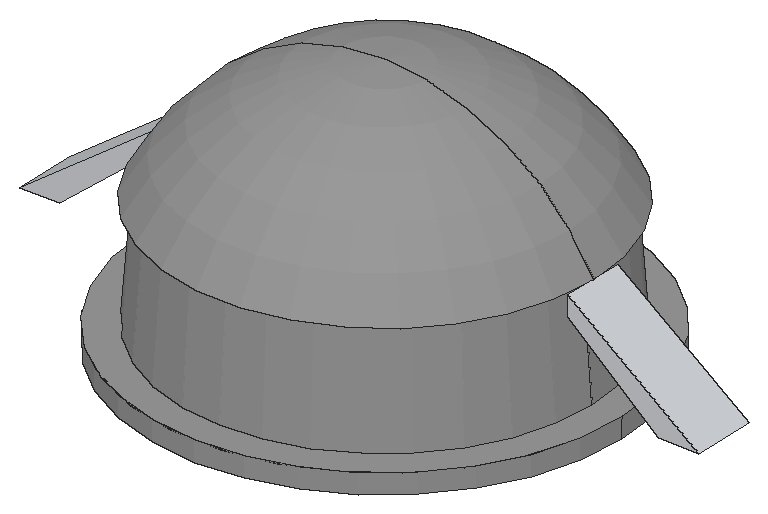
Revit family "HOLM-DOWN_LIGHT_LED_9W_O120+connect_19_3000K", category Lighting Fixtures, host Ceiling, Revit 2021
Family settings
  Host = Ceiling
  Round Connector Dimension = Use Diameter
  Part Type = Normal
  OmniClass Number = 23.80.70.11
  OmniClass Title = Luminaries for Internal Lighting
  Always vertical = Yes
  Cut with Voids When Loaded = No
  Light Source = Yes
  Shared = No
  Room Calculation Point = No
Parameters (values of type "Type 1")
  Wattage = 5.04908 W
  built-in parameter 1150110 = 1 (stored number, unit not read)
  URL = "https://www.lucera.fr/"
  built-in parameter 1114217 = 1 (stored number, unit not read)
  Tilt Angle = 90.00°
  built-in parameter 1150109 = 1 (stored number, unit not read)
  built-in parameter 1150134 = (empty or 0)
  built-in parameter 1150113 = 1 (stored number, unit not read)
  SDCM = "3"
  Puissance nominale = "8,5W"
  Photometric Web File = "google_eulumdat_converter.ies"
  Matériau = "Aluminium"
  Manufacturer = "Lucera - Lucera (c) 06/01/2021 16:39:32 +01:00"  # constant formula
  Maintien du flux = "L80B10 (50 000 heures)"
  Lumens = 750 lm
  built-in parameter 1150115 = 1 (stored number, unit not read)
  built-in parameter 1150105 = 59.683 (stored number, unit not read)
  built-in parameter 1150137 = (empty or 0)
  built-in parameter 1150139 = (empty or 0)
  built-in parameter 1150112 = 1 (stored number, unit not read)
  built-in parameter 1150114 = 1 (stored number, unit not read)
  Lamp = "LED XC-COB Bridgelux 2630"
  built-in parameter 1150132 = 2
  built-in parameter 1150102 = (empty or 0)
  built-in parameter 1150138 = (empty or 0)
  built-in parameter 1150107 = 3000 (stored number, unit not read)
  built-in parameter 1150106 = 0.59683 (stored number, unit not read)
  IRC = ">90"
  built-in parameter 1150104 = 13.8 (stored number, unit not read)
  Durée de vie = "50 000 heures"
  Driver = "Driver Lifud TUV CE CCC"
  Dimming Lamp Color Temperature Shift = <None>
  Dimensions = "Ø 120 mm, H = 65 mm"
  Dimension découpe = "Ø 100-110 mm"
  Default Elevation = 0 mm
  Couleur = "Blanc"
  Color Filter = 16777215
  built-in parameter 1114218 = 1 (stored number, unit not read)
  built-in parameter 1150133 = 10 (stored number, unit not read)
  Angle d'éclairage = "60°"
  Alimentation luminaire = "25-42V dc / 200mA"
  Alimentation Driver = "AC 220-240V"
Reference planes
  plane 1 "Light Source Axis (F/B)": y = 0
  plane 2: z = 0
  plane 3 "Light Source Axis (L/R)": x = 0
  plane 4 "Ceiling": z = 4000
  plane 5 "Light Source Elevation": z = 3991.357
Forms (mm)
  Revolve 1, solid, material "Aluminum, Gris"
    sketch origin (0, 0, 0) x (1, 0, 0) y (0, 0, 1)
      loop
        line (-52.743, 4028.603) -> (0, 4028.603) -> (0, 4060)
        arc (0, 4060) -> (-30.691, 4051.557) -> (-52.743, 4028.603) r 60
      axis (0, 4060) -> (0, 4028.603)
    angle from 0 to 360
  Extrusion 2, solid, material "Aluminum, Blanc"
    sketch origin (0, 0, 4000) x (0, 1, 0) y (-1, 0, 0)
      loop
        circle (0, 0) r 60
      loop
        circle (0, 0) r 35
    from -5 to 0
  Blend 3, solid, material "Aluminum, Blanc"
    base sketch origin (0, 0, 4000) x (0, 1, 0) y (-1, 0, 0)
      loop
        circle (0, 0) r 52.255
    top sketch origin (0, 0, 4000) x (0, 1, 0) y (-1, 0, 0)
      loop
        circle (0, 0) r 50
    from 0 to 30
  Extrusion 4, solid
    sketch origin (0, 0, 0) x (1, 0, 0) y (0, 0, 1)
      loop
        line (52.743, 4028.603) -> (52.743, 4023.603) -> (75.725, 4004.319) -> (85.725, 4004.319) -> (52.743, 4028.603)
    from -7.679 to 8.034
  Extrusion 5, solid
    sketch origin (0, 0, 0) x (-1, 0, 0) y (0, 0, -1)
      loop
        line (52.743, -4028.603) -> (85.725, -4004.319) -> (75.725, -4004.319) -> (52.743, -4023.603) -> (52.743, -4028.603)
    from -7.679 to 8.034
  Extrusion 6, solid, material "Glass, White, High Luminance"
    sketch origin (0, 0, 4000) x (0, 1, 0) y (-1, 0, 0)
      loop
        circle (0, 0) r 35
    from -5 to 0
Lines and regions (mm)
  reference lines
    curve 1: line (0, 0, 4000) -> (60, 0, 4000)
    curve 2: line (0, 0, 3995) -> (0, 0, 4060)
Dimensions and locks
  equal spacing: host sketch curve, plane 3 "Light Source Axis (L/R)", host sketch curve
  equal spacing: host sketch curve, plane 1 "Light Source Axis (F/B)", host sketch curve
  host sketch curve to host sketch curve = 4000 mm  (x2)
  plane 4 "Ceiling" to host ceiling = 0 mm
  aligned and locked: plane 1 "Light Source Axis (F/B)" to imposter light
  aligned and locked: plane 5 "Light Source Elevation" to imposter light
